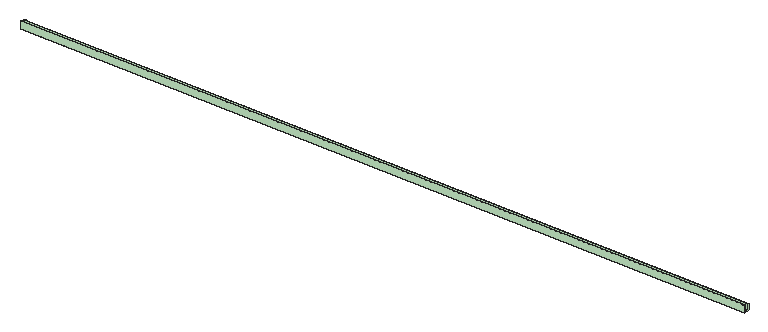
Revit family "SQ-ランナー25", category 機械設備, Revit 2020
Family settings
  丸型コネクタ寸法 = 直径を使用
  種別 = なし
  パーツ タイプ = 標準
  作業面ベース = いいえ
  常に垂直 = はい
  ロード時にボイドで切り取り = いいえ
  共有 = いいえ
  部屋計算ポイント = いいえ
Parameters
  製造元 = "株式会社桐井製作所"
  既定の高さ = 0 mm
  URL = "https://www.kirii.co.jp/"
  K_長さ(mm) [instance] = 4000 mm
  K_材質 = "SGCC　一般用"
  K_外形寸法(mm) = "27×40×30"
  K_品名 = "SQ-ランナー25"
  K_名称 = "角型スタッド用ランナー"
  K_バージョン情報 = "20210524"
  K_めっき付着量 = "Z08"
  K_JIS規格 = "JIS G 3302"
Reference planes
  plane 1 "中心(正面/背面)": y = 0
  plane 2: z = 0
  plane 3 "中心(左/右)": x = 0
  plane 4: x = 4000
  plane 5: y = 13.5
  plane 6: y = -13.5
Forms (mm)
  Extrusion 1, solid
    sketch origin (0, 0, 0) x (0, 1, 0) y (0, 0, 1)
      loop
        line (-13.5, 0) -> (13.5, 0) -> (13.5, 30) -> (12.7, 30) -> (12.7, 0.8) -> (-12.7, 0.8) -> (-12.7, 40) -> (-13.5, 40) -> (-13.5, 0)
    from 0 to 4000
Dimensions and locks
  "K_長さ(mm)": plane 3 "中心(左/右)" to plane 4
  aligned and locked: level to plane 2
  aligned and locked: plane 4 to Extrusion 1
  aligned and locked: Extrusion 1 to plane 4
Automatic sketch dimensions
  Extrusion 1 sketch curve to level = 0 mm
  Extrusion 1 sketch curve to plane 6 = 0 mm
  Extrusion 1 sketch curve to Extrusion 1 sketch curve = 0.8 mm  (x2)
  level to Extrusion 1 sketch curve = 0.8 mm
  Extrusion 1 sketch curve to Extrusion 1 sketch curve = 39.2 mm
  Extrusion 1 sketch curve to Extrusion 1 sketch curve = 29.2 mm
  Extrusion 1 sketch curve to plane 5 = 0 mm
